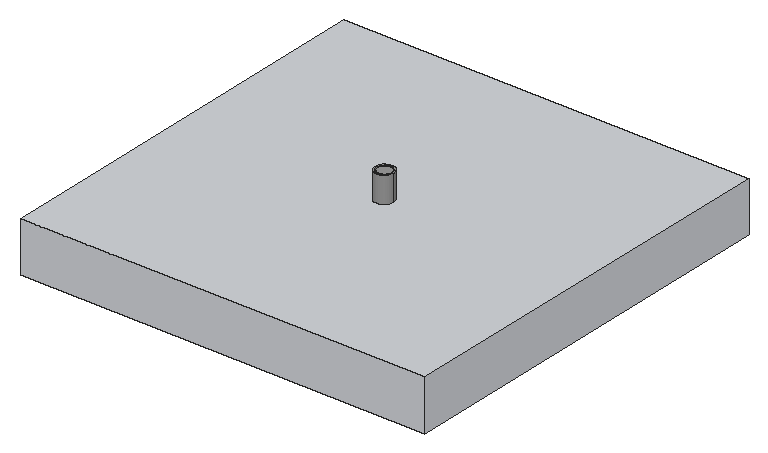
Revit family "LAMP_LUP DOWNLIGHT 110", category Luminarias, Revit 2018
Family settings
  Anfitrión = Cara
  Cota de conector redondo = Diámetro de uso
  Tipo de pieza = Normal
  Corte con vacíos al cargar = No
  Origen de luz = Sí
  Compartido = No
  Punto de cálculo de habitación = No
Parameters (values of type "600LM 3000 FLOOD BLACK")
  Ángulo de inclinación = -90.00°
  Weight = 1.23 kg
  Wattage = 6.3 W
  Type = "COB PHILIPS"
  built-in parameter 1150107 = 3000 (stored number, unit not read)
  built-in parameter 1150110 = 1 (stored number, unit not read)
  built-in parameter 1150109 = 1 (stored number, unit not read)
  built-in parameter 1150112 = 1 (stored number, unit not read)
  built-in parameter 1150113 = 1 (stored number, unit not read)
  built-in parameter 1114218 = 1 (stored number, unit not read)
  Protection rating = "IP65 / IK06"
  Product datasheet = "http://www.lamp.es/product-files/TECH/LS111005FL30NB-EN.pdf"
  Product code = "LS111005FL30NB"
  Product URL = "https://www.lamp.es/en/family/lup-wall-mounted_67131"
  Power Supply = "220-240V 50/60Hz"
  Power = 5 W
  Plum = 6.3 W
  built-in parameter 1150142 = "IESNA:LM-63-2002\r\n[TEST] LS111005FL30NB\r\n[TESTLAB] LAMP S.A.U.\r\n[TESTDATE] 27 Aug 2018\r\n[ISSUEDATE] 27 Aug 2018\r\n[MANUFAC] LAMP S.A.U.\r\n[LUMCAT] LS111005FL30NB\r\n[LUMINAIRE] LUP SUR??110 500 WW FL BK.\r\n[FLASHAREA] 0.001142\r\n[LAMPCAT] PHILIPS SLM 1205 G6\r\n[LAMP] SLM 1205 G6 NW a 0.15A\r\nTILT=NONE\r\n1 600.19 1.0 91 1 1 2 -0.075 -0.075 0.001\r\n1.00 1.00 6.30\r\n0.00 2.00 4.00 6.00 8.00 10.00 12.00 14.00 16.00 18.00 \r\n20.00 22.00 24.00 26.00 28.00 30.00 32.00 34.00 36.00 \r\n38.00 40.00 42.00 44.00 46.00 48.00 50.00 52.00 54.00 \r\n56.00 58.00 60.00 62.00 64.00 66.00 68.00 70.00 72.00 \r\n74.00 76.00 78.00 80.00 82.00 84.00 86.00 88.00 90.00 \r\n92.00 94.00 96.00 98.00 100.00 102.00 104.00 106.00 \r\n108.00 110.00 112.00 114.00 116.00 118.00 120.00 122.00 \r\n124.00 126.00 128.00 130.00 132.00 134.00 136.00 138.00 \r\n140.00 142.00 144.00 146.00 148.00 150.00 152.00 154.00 \r\n156.00 158.00 160.00 162.00 164.00 166.00 168.00 170.00 \r\n172.00 174.00 176.00 178.00 180.00 \r\n0.00 \r\n1442.93 1434.06 1398.15 1340.36 1253.04 1161.32 1032.08 \r\n892.31 771.88 655.45 539.80 450.70 374.82 309.73 268.66 \r\n231.90 189.01 145.56 103.32 62.31 23.33 14.87 8.51 4.74 \r\n3.55 2.42 2.08 1.79 1.50 1.21 0.94 0.85 0.78 0.71 0.64 \r\n0.56 0.50 0.44 0.38 0.32 0.26 0.22 0.17 0.13 0.09 0.00 \r\n0.00 0.00 0.00 0.00 0.00 0.00 0.00 0.00 0.00 0.00 0.00 \r\n0.00 0.00 0.00 0.00 0.00 0.00 0.00 0.00 0.00 0.00 0.00 \r\n0.00 0.00 0.00 0.00 0.00 0.00 0.00 0.00 0.00 0.00 0.00 \r\n0.00 0.00 0.00 0.00 0.00 0.00 0.00 0.00 0.00 0.00 0.00 \r\n0.00 \r\n"
  built-in parameter 1150137 = (empty or 0)
  built-in parameter 1150132 = 2
  Material reflector = LAMP_Aluminio Reflector Imag
  Material cuerpo = LAMP_Aluminio Ocult Pendular NG
  Material cristal = LAMP_Cristal Bazz Transparente
  Material COB = LAMP_COB
  Manufacturer name = "LAMP"
  Manufacturer country = "Spain"
  Manufacturer URL = "http://www.lamp.es/en"
  MacAdam = "3"
  Last update = "15/02/2022"
  Lamp = "COB LED"
  LED Lifetime = "50.000 L80 B10"
  built-in parameter 1150105 = 1443 (stored number, unit not read)
  built-in parameter 1150102 = (empty or 0)
  Insulation class = "I"
  Installation instructions = "https://www.lamp.es/product-files/packed/by-family/67131_INS_all.zip"
  built-in parameter 1150106 = 14.43 (stored number, unit not read)
  Height = 155 mm
  Gear = "Electronic"
  Lumens = 600.201 lm
  Finish = "Texturised black RAL 9011"
  Color Filter = 16777215
  built-in parameter 1114217 = 1 (stored number, unit not read)
  built-in parameter 1150139 = (empty or 0)
  Default Elevation = 1219.2 mm
  built-in parameter 1150104 = 8.8509 (stored number, unit not read)
  Efficacy = 95.27 lm/W
  Diameter = 110 mm
  built-in parameter 1150115 = 1 (stored number, unit not read)
  built-in parameter 1150114 = 1 (stored number, unit not read)
  built-in parameter 1150138 = (empty or 0)
  built-in parameter 1150134 = 3
  Dimming Lamp Color Temperature Shift = (empty or 0)
  CRI = "80"
  Archivo de red fotométrica = "LS111005FL30NB.IES"
  built-in parameter 1150133 = 10 (stored number, unit not read)
Types (8, lengths in mm): name | Ángulo de inclinación | Wattage | built-in parameter 1150107 | Product datasheet | Product code | Power Supply | Power | Plum | built-in parameter 1150142 | built-in parameter 1150105 | built-in parameter 1150106 | Lumens | built-in parameter 1150104 | Efficacy | Archivo de red fotométrica
  600LM 3000 FLOOD BLACK | -90.00° | 6.3 W | 3000 (stored number, unit not read) | "http://www.lamp.es/product-files/TECH/LS111005FL30NB-EN.pdf" | "LS111005FL30NB" | "220-240V 50/60Hz" | 5 W | 6.3 W | "IESNA:LM-63-2002\r\n[TEST] LS111005FL30NB\r\n[TESTLAB] LAMP S.A.U.\r\n[TESTDATE] 27 Aug 2018\r\n[ISSUEDATE] 27 Aug 2018\r\n[MANUFAC] LAMP S.A.U.\r\n[LUMCAT] LS111005FL30NB\r\n[LUMINAIRE] LUP SUR??110 500 WW FL BK.\r\n[FLASHAREA] 0.001142\r\n[LAMPCAT] PHILIPS SLM 1205 G6\r\n[LAMP] SLM 1205 G6 NW a 0.15A\r\nTILT=NONE\r\n1 600.19 1.0 91 1 1 2 -0.075 -0.075 0.001\r\n1.00 1.00 6.30\r\n0.00 2.00 4.00 6.00 8.00 10.00 12.00 14.00 16.00 18.00 \r\n20.00 22.00 24.00 26.00 28.00 30.00 32.00 34.00 36.00 \r\n38.00 40.00 42.00 44.00 46.00 48.00 50.00 52.00 54.00 \r\n56.00 58.00 60.00 62.00 64.00 66.00 68.00 70.00 72.00 \r\n74.00 76.00 78.00 80.00 82.00 84.00 86.00 88.00 90.00 \r\n92.00 94.00 96.00 98.00 100.00 102.00 104.00 106.00 \r\n108.00 110.00 112.00 114.00 116.00 118.00 120.00 122.00 \r\n124.00 126.00 128.00 130.00 132.00 134.00 136.00 138.00 \r\n140.00 142.00 144.00 146.00 148.00 150.00 152.00 154.00 \r\n156.00 158.00 160.00 162.00 164.00 166.00 168.00 170.00 \r\n172.00 174.00 176.00 178.00 180.00 \r\n0.00 \r\n1442.93 1434.06 1398.15 1340.36 1253.04 1161.32 1032.08 \r\n892.31 771.88 655.45 539.80 450.70 374.82 309.73 268.66 \r\n231.90 189.01 145.56 103.32 62.31 23.33 14.87 8.51 4.74 \r\n3.55 2.42 2.08 1.79 1.50 1.21 0.94 0.85 0.78 0.71 0.64 \r\n0.56 0.50 0.44 0.38 0.32 0.26 0.22 0.17 0.13 0.09 0.00 \r\n0.00 0.00 0.00 0.00 0.00 0.00 0.00 0.00 0.00 0.00 0.00 \r\n0.00 0.00 0.00 0.00 0.00 0.00 0.00 0.00 0.00 0.00 0.00 \r\n0.00 0.00 0.00 0.00 0.00 0.00 0.00 0.00 0.00 0.00 0.00 \r\n0.00 0.00 0.00 0.00 0.00 0.00 0.00 0.00 0.00 0.00 0.00 \r\n0.00 \r\n" | 1443 (stored number, unit not read) | 14.43 (stored number, unit not read) | 600.201 lm | 8.8509 (stored number, unit not read) | 95.27 lm/W | "LS111005FL30NB.IES"
  624LM 3000 WIDE FLOOD BLACK | -90.00° | 6.3 W | 3000 (stored number, unit not read) | "http://www.lamp.es/product-files/TECH/LS111005WF30NB-EN.pdf" | "LS111005WF30NB" | "220-240V 50/60Hz" | 5 W | 6.3 W | "IESNA:LM-63-2002\r\n[TEST] LS111005WF30NB\r\n[TESTLAB] LAMP S.A.U.\r\n[TESTDATE] 27 Aug 2018\r\n[ISSUEDATE] 27 Aug 2018\r\n[MANUFAC] LAMP S.A.U.\r\n[LUMCAT] LS111005WF30NB\r\n[LUMINAIRE] LUP SUR??110 500 WW WFL BK.\r\n[FLASHAREA] 0.001142\r\n[LAMPCAT] PHILIPS SLM 1205 G6\r\n[LAMP] SLM 1205 G6 NW a 0.15A\r\nTILT=NONE\r\n1 623.64 1.0 91 1 1 2 -0.075 -0.075 0.001\r\n1.00 1.00 6.30\r\n0.00 2.00 4.00 6.00 8.00 10.00 12.00 14.00 16.00 18.00 \r\n20.00 22.00 24.00 26.00 28.00 30.00 32.00 34.00 36.00 \r\n38.00 40.00 42.00 44.00 46.00 48.00 50.00 52.00 54.00 \r\n56.00 58.00 60.00 62.00 64.00 66.00 68.00 70.00 72.00 \r\n74.00 76.00 78.00 80.00 82.00 84.00 86.00 88.00 90.00 \r\n92.00 94.00 96.00 98.00 100.00 102.00 104.00 106.00 \r\n108.00 110.00 112.00 114.00 116.00 118.00 120.00 122.00 \r\n124.00 126.00 128.00 130.00 132.00 134.00 136.00 138.00 \r\n140.00 142.00 144.00 146.00 148.00 150.00 152.00 154.00 \r\n156.00 158.00 160.00 162.00 164.00 166.00 168.00 170.00 \r\n172.00 174.00 176.00 178.00 180.00 \r\n0.00 \r\n827.47 825.48 817.77 808.01 798.08 791.88 786.47 778.55 \r\n761.85 729.00 674.86 612.06 535.98 447.57 380.19 307.56 \r\n244.03 181.24 125.35 76.37 29.83 19.79 12.28 7.60 5.77 \r\n4.01 3.51 3.07 2.63 2.19 1.77 1.55 1.36 1.16 0.96 0.77 \r\n0.67 0.57 0.48 0.39 0.30 0.24 0.20 0.15 0.10 0.00 0.00 \r\n0.00 0.00 0.00 0.00 0.00 0.00 0.00 0.00 0.00 0.00 0.00 \r\n0.00 0.00 0.00 0.00 0.00 0.00 0.00 0.00 0.00 0.00 0.00 \r\n0.00 0.00 0.00 0.00 0.00 0.00 0.00 0.00 0.00 0.00 0.00 \r\n0.00 0.00 0.00 0.00 0.00 0.00 0.00 0.00 0.00 0.00 0.00 \r\n" | 49.627 (stored number, unit not read) | 0.49627 (stored number, unit not read) | 623.637 lm | 9.1965 (stored number, unit not read) | 98.99 lm/W | "LS111005WF30NB.IES"
  626LM 4000 FLOOD BLACK | -90.00° | 6.3 W | 4000 (stored number, unit not read) | "http://www.lamp.es/product-files/TECH/LS111005FL40NB-EN.pdf" | "LS111005FL40NB" | "220-240V 50/60Hz" | 5 W | 6.3 W | "IESNA:LM-63-2002\r\n[TEST] LS111005FL40NB\r\n[TESTLAB] LAMP S.A.U.\r\n[TESTDATE] 27 Aug 2018\r\n[ISSUEDATE] 27 Aug 2018\r\n[MANUFAC] LAMP S.A.U.\r\n[LUMCAT] LS111005FL40NB\r\n[LUMINAIRE] LUP SUR??110 500 NW FL BK.\r\n[FLASHAREA] 0.001142\r\n[LAMPCAT] PHILIPS SLM 1205 G6\r\n[LAMP] SLM 1205 G6 NW a 0.15A\r\nTILT=NONE\r\n1 625.51 1.0 91 1 1 2 -0.075 -0.075 0.001\r\n1.00 1.00 6.30\r\n0.00 2.00 4.00 6.00 8.00 10.00 12.00 14.00 16.00 18.00 \r\n20.00 22.00 24.00 26.00 28.00 30.00 32.00 34.00 36.00 \r\n38.00 40.00 42.00 44.00 46.00 48.00 50.00 52.00 54.00 \r\n56.00 58.00 60.00 62.00 64.00 66.00 68.00 70.00 72.00 \r\n74.00 76.00 78.00 80.00 82.00 84.00 86.00 88.00 90.00 \r\n92.00 94.00 96.00 98.00 100.00 102.00 104.00 106.00 \r\n108.00 110.00 112.00 114.00 116.00 118.00 120.00 122.00 \r\n124.00 126.00 128.00 130.00 132.00 134.00 136.00 138.00 \r\n140.00 142.00 144.00 146.00 148.00 150.00 152.00 154.00 \r\n156.00 158.00 160.00 162.00 164.00 166.00 168.00 170.00 \r\n172.00 174.00 176.00 178.00 180.00 \r\n0.00 \r\n1503.81 1494.56 1457.13 1396.91 1305.90 1210.31 1075.62 \r\n929.95 804.44 683.10 562.58 469.72 390.63 322.80 279.99 \r\n241.68 196.99 151.70 107.68 64.94 24.32 15.49 8.87 4.94 \r\n3.70 2.52 2.17 1.87 1.57 1.26 0.98 0.89 0.81 0.74 0.66 \r\n0.59 0.52 0.46 0.40 0.33 0.27 0.22 0.18 0.14 0.10 0.00 \r\n0.00 0.00 0.00 0.00 0.00 0.00 0.00 0.00 0.00 0.00 0.00 \r\n0.00 0.00 0.00 0.00 0.00 0.00 0.00 0.00 0.00 0.00 0.00 \r\n0.00 0.00 0.00 0.00 0.00 0.00 0.00 0.00 0.00 0.00 0.00 \r\n0.00 0.00 0.00 0.00 0.00 0.00 0.00 0.00 0.00 0.00 0.00 \r\n0.00 \r\n" | 49.778 (stored number, unit not read) | 0.49778 (stored number, unit not read) | 625.527 lm | 9.2243 (stored number, unit not read) | 99.29 lm/W | "LS111005FL40NB.IES"
  650LM 4000 WIDE FLOOD BLACK | -90.00° | 6.3 W | 4000 (stored number, unit not read) | "http://www.lamp.es/product-files/TECH/LS111005WF40NB-EN.pdf" | "LS111005WF40NB" | "220-240V 50/60Hz" | 5 W | 6.3 W | "IESNA:LM-63-2002\r\n[TEST] LS111005WF40NB\r\n[TESTLAB] LAMP S.A.U.\r\n[TESTDATE] 27 Aug 2018\r\n[ISSUEDATE] 27 Aug 2018\r\n[MANUFAC] LAMP S.A.U.\r\n[LUMCAT] LS111005WF40NB\r\n[LUMINAIRE] LUP SUR??110 500 NW WFL BK.\r\n[FLASHAREA] 0.001142\r\n[LAMPCAT] PHILIPS SLM 1205 G6\r\n[LAMP] SLM 1205 G6 NW a 0.15A\r\nTILT=NONE\r\n1 649.89 1.0 91 1 1 2 -0.075 -0.075 0.001\r\n1.00 1.00 6.30\r\n0.00 2.00 4.00 6.00 8.00 10.00 12.00 14.00 16.00 18.00 \r\n20.00 22.00 24.00 26.00 28.00 30.00 32.00 34.00 36.00 \r\n38.00 40.00 42.00 44.00 46.00 48.00 50.00 52.00 54.00 \r\n56.00 58.00 60.00 62.00 64.00 66.00 68.00 70.00 72.00 \r\n74.00 76.00 78.00 80.00 82.00 84.00 86.00 88.00 90.00 \r\n92.00 94.00 96.00 98.00 100.00 102.00 104.00 106.00 \r\n108.00 110.00 112.00 114.00 116.00 118.00 120.00 122.00 \r\n124.00 126.00 128.00 130.00 132.00 134.00 136.00 138.00 \r\n140.00 142.00 144.00 146.00 148.00 150.00 152.00 154.00 \r\n156.00 158.00 160.00 162.00 164.00 166.00 168.00 170.00 \r\n172.00 174.00 176.00 178.00 180.00 \r\n0.00 \r\n862.31 860.23 852.21 842.03 831.69 825.22 819.59 811.33 \r\n793.92 759.70 703.27 637.83 558.54 466.41 396.20 320.51 \r\n254.30 188.87 130.63 79.58 31.09 20.62 12.79 7.92 6.01 \r\n4.18 3.65 3.20 2.74 2.28 1.84 1.62 1.41 1.21 1.00 0.80 \r\n0.69 0.60 0.50 0.40 0.31 0.25 0.20 0.15 0.10 0.00 0.00 \r\n0.00 0.00 0.00 0.00 0.00 0.00 0.00 0.00 0.00 0.00 0.00 \r\n0.00 0.00 0.00 0.00 0.00 0.00 0.00 0.00 0.00 0.00 0.00 \r\n0.00 0.00 0.00 0.00 0.00 0.00 0.00 0.00 0.00 0.00 0.00 \r\n0.00 0.00 0.00 0.00 0.00 0.00 0.00 0.00 0.00 0.00 0.00 \r\n" | 51.718 (stored number, unit not read) | 0.51718 (stored number, unit not read) | 649.908 lm | 9.5839 (stored number, unit not read) | 103.16 lm/W | "LS111005WF40NB.IES"
  963LM 3000 FLOOD BLACK | -90.00° | 9.7 W | 3000 (stored number, unit not read) | "http://www.lamp.es/product-files/TECH/LS111010FL30NB-EN.pdf" | "LS111010FL30NB" | "100-277V 50/60Hz" | 8 W | 9.7 W | "IESNA:LM-63-2002\r\n[TEST] LS111010FL30NB\r\n[TESTLAB] LAMP S.A.U.\r\n[TESTDATE] 27 Aug 2018\r\n[ISSUEDATE] 27 Aug 2018\r\n[MANUFAC] LAMP S.A.U.\r\n[LUMCAT] LS111010FL30NB\r\n[LUMINAIRE] LUP SUR??110 1000 WW FL BK.\r\n[FLASHAREA] 0.001142\r\n[LAMPCAT] PHILIPS SLM 1205 G6\r\n[LAMP] SLM 1205 G6 NW a 0.25A\r\nTILT=NONE\r\n1 963.12 1.0 91 1 1 2 -0.075 -0.075 0.001\r\n1.00 1.00 9.70\r\n0.00 2.00 4.00 6.00 8.00 10.00 12.00 14.00 16.00 18.00 \r\n20.00 22.00 24.00 26.00 28.00 30.00 32.00 34.00 36.00 \r\n38.00 40.00 42.00 44.00 46.00 48.00 50.00 52.00 54.00 \r\n56.00 58.00 60.00 62.00 64.00 66.00 68.00 70.00 72.00 \r\n74.00 76.00 78.00 80.00 82.00 84.00 86.00 88.00 90.00 \r\n92.00 94.00 96.00 98.00 100.00 102.00 104.00 106.00 \r\n108.00 110.00 112.00 114.00 116.00 118.00 120.00 122.00 \r\n124.00 126.00 128.00 130.00 132.00 134.00 136.00 138.00 \r\n140.00 142.00 144.00 146.00 148.00 150.00 152.00 154.00 \r\n156.00 158.00 160.00 162.00 164.00 166.00 168.00 170.00 \r\n172.00 174.00 176.00 178.00 180.00 \r\n0.00 \r\n2325.35 2311.19 2252.81 2160.92 2020.97 1874.19 1664.06 \r\n1437.64 1242.38 1047.74 868.27 725.43 603.07 498.13 \r\n432.05 373.05 304.06 234.14 166.17 100.13 37.38 23.52 \r\n13.06 6.86 4.96 3.13 2.59 2.12 1.65 1.18 0.73 0.59 0.46 \r\n0.34 0.22 0.10 0.07 0.06 0.05 0.04 0.02 0.00 0.00 0.00 \r\n0.00 0.00 0.00 0.00 0.00 0.00 0.00 0.00 0.00 0.00 0.00 \r\n0.00 0.00 0.00 0.00 0.00 0.00 0.00 0.00 0.00 0.00 0.00 \r\n0.00 0.00 0.00 0.00 0.00 0.00 0.00 0.00 0.00 0.00 0.00 \r\n0.00 0.00 0.00 0.00 0.00 0.00 0.00 0.00 0.00 0.00 0.00 \r\n0.00 0.00 0.00 \r\n" | 76.642 (stored number, unit not read) | 0.76642 (stored number, unit not read) | 963.113 lm | 9.2243 (stored number, unit not read) | 99.29 lm/W | "LS111010FL30NB.IES"
  1003LM 4000 FLOOD BLACK | 90.00° | 9.7 W | 4000 (stored number, unit not read) | "http://www.lamp.es/product-files/TECH/LS111010FL40NB-EN.pdf" | "LS111010FL40NB" | "100-277V 50/60Hz" | 8 W | 9.7 W | "IESNA:LM-63-2002\r\n[TEST] LS111010FL40NB\r\n[TESTLAB] LAMP S.A.U.\r\n[TESTDATE] 27 Aug 2018\r\n[ISSUEDATE] 27 Aug 2018\r\n[MANUFAC] LAMP S.A.U.\r\n[LUMCAT] LS111010FL40NB\r\n[LUMINAIRE] LUP SUR??110 1000 NW FL BK.\r\n[FLASHAREA] 0.001142\r\n[LAMPCAT] PHILIPS SLM 1205 G6\r\n[LAMP] SLM 1205 G6 NW a 0.25A\r\nTILT=NONE\r\n1 1003.45 1.0 91 1 1 2 -0.075 -0.075 0.001\r\n1.00 1.00 9.70\r\n0.00 2.00 4.00 6.00 8.00 10.00 12.00 14.00 16.00 18.00 \r\n20.00 22.00 24.00 26.00 28.00 30.00 32.00 34.00 36.00 \r\n38.00 40.00 42.00 44.00 46.00 48.00 50.00 52.00 54.00 \r\n56.00 58.00 60.00 62.00 64.00 66.00 68.00 70.00 72.00 \r\n74.00 76.00 78.00 80.00 82.00 84.00 86.00 88.00 90.00 \r\n92.00 94.00 96.00 98.00 100.00 102.00 104.00 106.00 \r\n108.00 110.00 112.00 114.00 116.00 118.00 120.00 122.00 \r\n124.00 126.00 128.00 130.00 132.00 134.00 136.00 138.00 \r\n140.00 142.00 144.00 146.00 148.00 150.00 152.00 154.00 \r\n156.00 158.00 160.00 162.00 164.00 166.00 168.00 170.00 \r\n172.00 174.00 176.00 178.00 180.00 \r\n0.00 \r\n2422.72 2407.96 2347.14 2251.40 2105.59 1952.66 1733.74 \r\n1497.83 1294.40 1091.61 904.62 755.81 628.32 518.98 \r\n450.14 388.67 316.79 243.95 173.13 104.33 38.94 24.51 \r\n13.60 7.15 5.17 3.27 2.70 2.21 1.72 1.23 0.76 0.61 0.48 \r\n0.36 0.23 0.10 0.07 0.06 0.05 0.04 0.02 0.00 0.00 0.00 \r\n0.00 0.00 0.00 0.00 0.00 0.00 0.00 0.00 0.00 0.00 0.00 \r\n0.00 0.00 0.00 0.00 0.00 0.00 0.00 0.00 0.00 0.00 0.00 \r\n0.00 0.00 0.00 0.00 0.00 0.00 0.00 0.00 0.00 0.00 0.00 \r\n0.00 0.00 0.00 0.00 0.00 0.00 0.00 0.00 0.00 0.00 0.00 \r\n0.00 0.00 0.00 \r\n" | 79.853 (stored number, unit not read) | 0.79853 (stored number, unit not read) | 1003.46 lm | 9.6108 (stored number, unit not read) | 103.45 lm/W | "LS111010FL40NB.IES"
  1008LM 3000 WIDE FLOOD BLACK | -90.00° | 9.7 W | 3000 (stored number, unit not read) | "http://www.lamp.es/product-files/TECH/LS111010WF30NB-EN.pdf" | "LS111010WF30NB" | "100-277V 50/60Hz" | 8 W | 9.7 W | "IESNA:LM-63-2002\r\n[TEST] LS111010WF30NB\r\n[TESTLAB] LAMP S.A.U.\r\n[TESTDATE] 27 Aug 2018\r\n[ISSUEDATE] 27 Aug 2018\r\n[MANUFAC] LAMP S.A.U.\r\n[LUMCAT] LS111010WF30NB\r\n[LUMINAIRE] LUP SUR??110 1000 WW WFL BK.\r\n[FLASHAREA] 0.001142\r\n[LAMPCAT] PHILIPS SLM 1205 G6\r\n[LAMP] SLM 1205 G6 NW a 0.15A\r\nTILT=NONE\r\n1 1008.13 1.0 91 1 1 2 -0.075 -0.075 0.001\r\n1.00 1.00 9.70\r\n0.00 2.00 4.00 6.00 8.00 10.00 12.00 14.00 16.00 18.00 \r\n20.00 22.00 24.00 26.00 28.00 30.00 32.00 34.00 36.00 \r\n38.00 40.00 42.00 44.00 46.00 48.00 50.00 52.00 54.00 \r\n56.00 58.00 60.00 62.00 64.00 66.00 68.00 70.00 72.00 \r\n74.00 76.00 78.00 80.00 82.00 84.00 86.00 88.00 90.00 \r\n92.00 94.00 96.00 98.00 100.00 102.00 104.00 106.00 \r\n108.00 110.00 112.00 114.00 116.00 118.00 120.00 122.00 \r\n124.00 126.00 128.00 130.00 132.00 134.00 136.00 138.00 \r\n140.00 142.00 144.00 146.00 148.00 150.00 152.00 154.00 \r\n156.00 158.00 160.00 162.00 164.00 166.00 168.00 170.00 \r\n172.00 174.00 176.00 178.00 180.00 \r\n0.00 \r\n1337.79 1334.50 1322.00 1306.10 1289.95 1279.58 1270.84 \r\n1257.94 1230.91 1178.55 1090.96 989.68 866.16 723.21 \r\n613.06 498.83 395.88 293.81 203.06 123.64 48.20 31.95 \r\n19.80 12.22 9.26 6.41 5.60 4.89 4.19 3.49 2.81 2.47 2.15 \r\n1.83 1.51 1.21 1.04 0.89 0.73 0.58 0.44 0.35 0.28 0.20 \r\n0.13 0.00 0.00 0.00 0.00 0.00 0.00 0.00 0.00 0.00 0.00 \r\n0.00 0.00 0.00 0.00 0.00 0.00 0.00 0.00 0.00 0.00 0.00 \r\n0.00 0.00 0.00 0.00 0.00 0.00 0.00 0.00 0.00 0.00 0.00 \r\n0.00 0.00 0.00 0.00 0.00 0.00 0.00 0.00 0.00 0.00 0.00 \r\n0.00 0.00 0.00 \r\n" | 80.224 (stored number, unit not read) | 0.80224 (stored number, unit not read) | 1008.12 lm | 9.6554 (stored number, unit not read) | 103.93 lm/W | "LS111010WF30NB.IES"
  1050LM 4000 WIDE FLOOD BLACK | -90.00° | 9.7 W | 4000 (stored number, unit not read) | "http://www.lamp.es/product-files/TECH/LS111010WF40NB-EN.pdf" | "LS111010WF40NB" | "100-277V 50/60Hz" | 8 W | 9.7 W | "IESNA:LM-63-2002\r\n[TEST] LS111010WF40NB\r\n[TESTLAB] LAMP S.A.U.\r\n[TESTDATE] 27 Aug 2018\r\n[ISSUEDATE] 27 Aug 2018\r\n[MANUFAC] LAMP S.A.U.\r\n[LUMCAT] LS111010WF40NB\r\n[LUMINAIRE] LUP SUR??110 1000 NW WFL BK.\r\n[FLASHAREA] 0.001142\r\n[LAMPCAT] PHILIPS SLM 1205 G6\r\n[LAMP] SLM 1205 G6 NW a 0.15A\r\nTILT=NONE\r\n1 1050.34 1.0 91 1 1 2 -0.075 -0.075 0.001\r\n1.00 1.00 9.70\r\n0.00 2.00 4.00 6.00 8.00 10.00 12.00 14.00 16.00 18.00 \r\n20.00 22.00 24.00 26.00 28.00 30.00 32.00 34.00 36.00 \r\n38.00 40.00 42.00 44.00 46.00 48.00 50.00 52.00 54.00 \r\n56.00 58.00 60.00 62.00 64.00 66.00 68.00 70.00 72.00 \r\n74.00 76.00 78.00 80.00 82.00 84.00 86.00 88.00 90.00 \r\n92.00 94.00 96.00 98.00 100.00 102.00 104.00 106.00 \r\n108.00 110.00 112.00 114.00 116.00 118.00 120.00 122.00 \r\n124.00 126.00 128.00 130.00 132.00 134.00 136.00 138.00 \r\n140.00 142.00 144.00 146.00 148.00 150.00 152.00 154.00 \r\n156.00 158.00 160.00 162.00 164.00 166.00 168.00 170.00 \r\n172.00 174.00 176.00 178.00 180.00 \r\n0.00 \r\n1393.79 1390.37 1377.34 1360.77 1343.95 1333.14 1324.03 \r\n1310.60 1282.43 1227.89 1136.63 1031.11 902.42 753.48 \r\n638.72 519.72 412.45 306.11 211.56 128.82 50.21 33.28 \r\n20.63 12.73 9.65 6.68 5.83 5.10 4.37 3.63 2.93 2.57 2.24 \r\n1.91 1.57 1.26 1.08 0.92 0.77 0.61 0.45 0.37 0.29 0.21 \r\n0.13 0.00 0.00 0.00 0.00 0.00 0.00 0.00 0.00 0.00 0.00 \r\n0.00 0.00 0.00 0.00 0.00 0.00 0.00 0.00 0.00 0.00 0.00 \r\n0.00 0.00 0.00 0.00 0.00 0.00 0.00 0.00 0.00 0.00 0.00 \r\n0.00 0.00 0.00 0.00 0.00 0.00 0.00 0.00 0.00 0.00 0.00 \r\n0.00 0.00 0.00 \r\n" | 83.581 (stored number, unit not read) | 0.83581 (stored number, unit not read) | 1050.32 lm | 10.06 (stored number, unit not read) | 108.28 lm/W | "LS111010WF40NB.IES"
Reference planes
  plane 1 "Centro (Frontal/Posterior)": y = 0
  plane 2: z = 0
  plane 3 "Centro (Izquierda/Derecha)": x = 0
Forms (mm)
  Extrusion 1, solid
    sketch origin (0, 0, 0) x (1, 0, 0) y (0, 1, 0)
      loop
        line (-1219.2, 1219.2) -> (-1219.2, -1219.2) -> (1219.2, -1219.2) -> (1219.2, 1219.2) -> (-1219.2, 1219.2)
    from 0 to -304.8
  Extrusion 2, solid, material "LAMP_Aluminio Ocult Pendular NG" <- "Material cuerpo"
    sketch origin (0, 0, 0) x (1, 0, 0) y (0, 1, 0)
      loop
        circle (0, 0) r 55
    from 0 to 155
  Extrusion 3, void
    sketch origin (0, 0, 0) x (1, 0, 0) y (0, 1, 0)
      loop
        circle (0, 0) r 44.3
    from 8.075 to 155
  Extrusion 4, solid, material "LAMP_Cristal Bazz Transparente" <- "Material cristal"
    sketch origin (0, 0, 0) x (1, 0, 0) y (0, 1, 0)
      loop
        circle (0, 0) r 44.3
    from 154 to 155
  Revolve 5, solid, material "LAMP_Aluminio Reflector Imag" <- "Material reflector"
    sketch origin (0, 0, 0) x (1, 0, 0) y (0, 0, 1)
      loop
        line (0, 154) -> (0, 105) -> (11.4, 105) -> (11.4, 106) -> (44.3, 154) -> (0, 154)
      axis (0, 105) -> (0, 154)
    angle from 0 to 360
  Revolve 6, void
    sketch origin (0, 0, 0) x (1, 0, 0) y (0, 0, 1)
      loop
        line (0, 154) -> (0, 105) -> (10.4, 105) -> (10.4, 106) -> (43.3, 154) -> (0, 154)
      axis (0, 105) -> (0, 154)
    angle from 0 to 360
  Extrusion 7, solid, material "LAMP_COB" <- "Material COB"
    sketch origin (0, 0, 0) x (1, 0, 0) y (0, 1, 0)
      loop
        circle (0, 0) r 10.4
    from 105 to 106
Cuts and joins
  Extrusion 3 cuts Extrusion 2
  Revolve 6 cuts Extrusion 4
  Revolve 6 cuts Revolve 5
Text (mm)
  text "Any modification of the parameters and properties of the LAMP BIM models must be executed and validated by the LAMP technical department.\nPhone: +34 93 736 68 00\nE-mail: lamp@lamp.es\n\nLAMP reserves the right to modify the technical specifications of its products." at (-16387.392, -7639.746, -15376.034), in view "Preview"
Dimensions and locks
  aligned and locked: plane 2 to Extrusion 1
  aligned and locked: level to Extrusion 1
Connectors
  electrical at (0, 0, 0)
    settings: on cut or joined group of Extrusion 2, Extrusion 3, index 1, voltage 230 V, apparent load 0 VA, apparent load phase1 0 VA, apparent load phase2 0 VA, apparent load phase3 0 VA, power factor 1, load classification "Otro", number of poles 1, system type 31, power factor state 1, is connector primary yes, connector utility no, sub classification motor no, connector description ""
